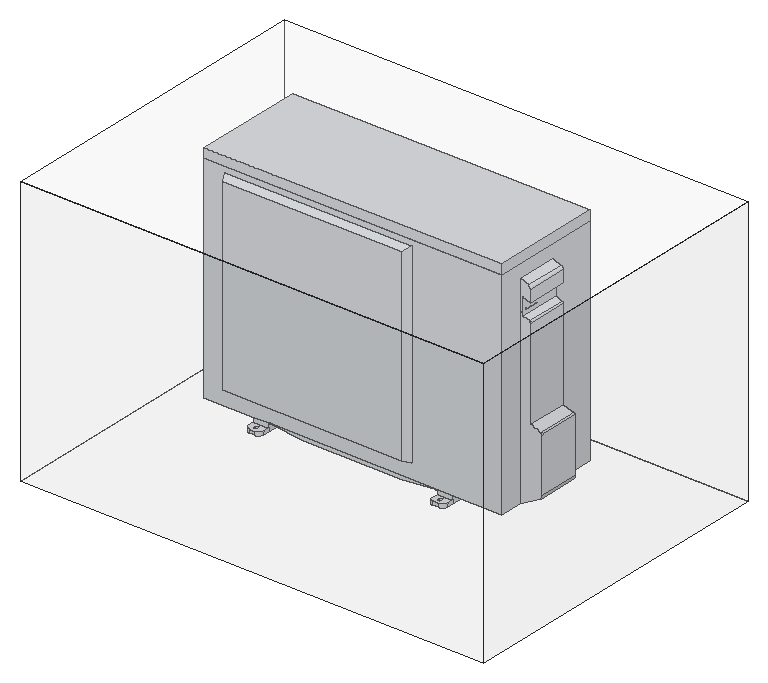
Revit family "puz-zrmp28_63ska12_60Hz", category 機械設備, Revit 2019
Family settings
  丸型コネクタ寸法 = 直径を使用
  パーツ タイプ = 標準
  OmniClass 番号 = 23.75.10.24.21.27.27
  OmniClass タイトル = Split System Air Conditioning Units
  作業面ベース = いいえ
  常に垂直 = はい
  ロード時にボイドで切り取り = いいえ
  共有 = いいえ
  部屋計算ポイント = いいえ
Parameters (values of type "PUZ-ZRMP28KA12")
  音響パワーレベル（冷）(dB) = 64
  音響パワーレベル(dB) = 66
  電源種別 = ""
  電源位置Y = 61 mm
  電源位置Z = 497.7 mm
  電源位置X = 400 mm
  電圧 = 200 V
  電動機出力_送風機 = 0.04 kW
  電動機出力_圧縮機 = 0.5 kW
  集中コントローラ [instance] = ""
  運転質量 = 0.00 kg
  運転方法 = "冷暖切替"
  質量 = if(製品質量 > 運転質量, 製品質量, 運転質量) * 1.2  # 43.20 kg
  負荷分類 = 1_熱源類
  説明 = "空冷H/P PAC インバータ室外機"
  設計暖房能力 [instance] = 0 kW
  設計冷房能力_顕熱 [instance] = 0 kW
  設計冷房能力 [instance] = 0 kW
  設置方法 = "床置形"
  記号 [instance] = ""
  製造元 = "三菱電機株式会社"
  製品質量 = 36.00 kg
  製品出荷対象 = "国内"
  製品リリース年月 = "2022/10/11"
  製品グループ = ""
  系統 [instance] = ""
  符号 = "PAC"
  積算_科目 = "1 空気調和設備"
  積算_拾い区分 [instance] = ""
  相 = 3
  盤記号 [instance] = ""
  発停方法 = "付属スイッチ"
  特殊仕様 [instance] = ""
  消費電力_暖房 = 0.61 kW
  消費電力_冷房 = 0.51 kW
  消費電力 = if(消費電力_冷房 > 消費電力_暖房, 消費電力_冷房, 消費電力_暖房)  # 0.61 kW
  法定耐用年数 = "6"
  構成品番 = "PUZ-ZRMP28KA"
  極数 = 3
  材質 [instance] = ""
  本体マテリアル = none
  最小電線太さ_mm2 = 1.6
  最大電流値 = 0 A
  暖房能力 = 2.8 kW
  推奨ブレーカー容量 = 15 A
  据付ピッチ1 = 0 mm
  形式 = "パッケージ形 室外機"
  形名 = PUZ-ZRMP-1 : PUZ-ZRMP-1
  幹線記号 [instance] = ""
  始動方式 = "インバータ始動方式"
  呼称 = "パッケージ形空気調和機_室外機"
  周波数 = 60 Hz
  価格 = 480000
  ドレン　位置Z = 8.5 mm
  ドレン　位置Y = 48.5 mm
  ドレン　位置X = 404.5 mm
  アンカーボルト位置Y = 330 mm
  アンカーボルト位置X = 500 mm
  参照している仕様書等のバージョン = "公共建築物標準仕様書（機械設備工事編）平成31年度版"
  分類コード = "50053003126100"
  分類グループ = ""
  冷房能力 = 2.5 kW
  冷媒管（ガス）位置X = 420 mm
  冷媒管（液）位置X = 420 mm
  冷媒管（液）位置Y = 153.75 mm
  冷媒管（ガス）位置Y = 153.75 mm
  冷媒管長 [instance] = 0 mm
  冷媒管径符号 = "Ac"
  冷媒管径 = 60.00 mm
  冷媒管位置Z = 158.95 mm
  冷媒管位置Y = (冷媒管（液）位置Y + 冷媒管（ガス）位置Y) / 2  # 153.75 mm
  冷媒管位置X = (冷媒管（液）位置X + 冷媒管（ガス）位置X) / 2  # 420 mm
  冷媒液管径 = 6.35 mm
  冷媒ガス管径 = 12.70 mm
  企業コード = "108420"
  付属品 [instance] = ""
  仕様書バージョン = "Version1.0"
  ユニット数 = 1
  ユニット3 = yes
  ユニット2 = yes
  Model = ""
  ドレン管径 = 42.00 mm
  サービススペース = yes
  コメント [instance] = ""
  ケーブル種類1 = ""
  Width = 809 mm
  Version = ""
  Uniclass2015Version = "Systems v1.9"
  Uniclass2015Title = "Split coil remote air cooled condensing units"
  Uniclass2015Code = "Pr_70_65_03_84"
  URL = "https://www.mitsubishielectric.co.jp/ldg/wink/ssl/displayProduct.do?pid=323494"
  SpecificationReference = ""
  SpecificationDescription = ""
  Revision = ""
  ProductInformation = ""
  OmniClassCode = "23-33 17 13 11"
  IfcTypeProduct = ""
  IfcProduct = ""
  IfcExportType = "AIRCONDITIONINGUNIT"
  IfcExportAs = "IfcUnitaryEquipmentType"
  Height = 630 mm
  Depth = 300 mm
  Clearance Top = 100 mm
  Clearance Right = 350 mm
  Clearance Left = 100 mm
  Clearance Front = 500 mm
  Clearance Bottom = 0 mm
  Clearance Back = 100 mm
  COP = 0
  Author = "三菱電機株式会社"
  APF = 0
Reference planes
  plane 1 "中心(正面/背面)": y = 74
  plane 2: z = 0
  plane 3 "中心(左/右)": x = 830
  plane 4 "右": x = 1234.5
  plane 5 "左": x = 425.5
  plane 6 "背面": y = 224
  plane 7 "正面": y = -76
  plane 8 "上部": z = 630
  plane 9 "Clearanse Top": z = 730
  plane 10 "SS_back": y = 324
  plane 11 "SS_front": y = -576
  plane 12 "SS_left": x = 325.5
  plane 13 "SS_right": x = 1584.5
  plane 14: z = 0
  plane 15: y = -15
  plane 16: x = 1230
  plane 17: z = 497.7
  plane 18: y = -13
  plane 19: y = 70.25
  plane 20: x = 1250
  plane 21: y = 175.5
  plane 22: x = 830
  plane 23: z = 10.5
  plane 24: z = 8.5
  plane 25: x = 580
  plane 26: x = 1080
  plane 27: y = 239
  plane 28: y = -91
Forms (mm)
  Extrusion 1, solid, detail levels fine
    sketch origin (0, -76, 0) x (1, 0, 0) y (0, 0, 1)
      loop
        circle (1230, 497.7) r 13.5
    from -63 to -61
  Extrusion 2, solid, detail levels fine
    sketch origin (-1437.329, -1524, 54) x (-1, 0, 0) y (0, -1, 0)
      loop
        circle (-2267.329, -1699.5) r 21
    from -45.5 to -43.5
  Sweep 3, solid, material <- "本体マテリアル", detail levels fine
    path origin (1250, 1296.25, 1200) x (0, 1, 0) y (0, 0, 1)
      loop
        line (-1226, -1041.05) -> (-1272.623, -1084.565)
    profile origin (1250, 46.939, 137.193) x (0, 0.682318, -0.731055) y (1, 0, 0)
      loop
        circle (0, 0) r 30
Lines and regions (mm)
  model lines, not visible
    curve 1: line (460, 178.667, 1289.179) -> (460, 297.73, 1289.179)
    curve 2: line (460, 178.667, 1056.056) -> (460, 178.667, 1289.179)
    curve 3: line (460, 297.73, 1056.056) -> (460, 178.667, 1056.056)
    curve 4: line (460, 297.73, 1289.179) -> (460, 297.73, 1056.056)
    curve 5: line (460, 47.598, 1289.179) -> (460, 166.661, 1289.179)
    curve 6: line (460, 47.598, 1056.056) -> (460, 47.598, 1289.179)
    curve 7: line (460, 166.661, 1056.056) -> (460, 47.598, 1056.056)
    curve 8: line (460, 166.661, 1289.179) -> (460, 166.661, 1056.056)
    curve 9: line (460, -83.471, 1289.179) -> (460, 35.592, 1289.179)
    curve 10: line (460, -83.471, 1056.056) -> (460, -83.471, 1289.179)
    curve 11: line (460, 35.592, 1056.056) -> (460, -83.471, 1056.056)
    curve 12: line (460, 35.592, 1289.179) -> (460, 35.592, 1056.056)
    curve 13: line (460, -150.779, 1289.179) -> (460, -95.75, 1289.179)
    curve 14: line (460, -150.779, 1056.056) -> (460, -150.779, 1289.179)
    curve 15: line (460, -95.75, 1056.056) -> (460, -150.779, 1056.056)
    curve 16: line (460, -95.75, 1289.179) -> (460, -95.75, 1056.056)
    curve 17: line (460, -150.779, 1283.175) -> (460, -132.596, 1283.175)
    curve 18: line (460, -150.779, 1062.059) -> (460, -150.779, 1283.175)
    curve 19: line (460, -132.596, 1062.059) -> (460, -150.779, 1062.059)
    curve 20: line (460, -132.596, 1283.175) -> (460, -132.596, 1062.059)
    curve 21: line (460, 178.667, 1046.051) -> (460, 297.73, 1046.051)
    curve 22: line (460, 178.667, 812.928) -> (460, 178.667, 1046.051)
    curve 23: line (460, 297.73, 812.928) -> (460, 178.667, 812.928)
    curve 24: line (460, 297.73, 1046.051) -> (460, 297.73, 812.928)
    curve 25: line (460, 47.598, 1046.051) -> (460, 166.661, 1046.051)
    curve 26: line (460, 47.598, 812.928) -> (460, 47.598, 1046.051)
    curve 27: line (460, 166.661, 812.928) -> (460, 47.598, 812.928)
    curve 28: line (460, 166.661, 1046.051) -> (460, 166.661, 812.928)
    curve 29: line (460, -83.471, 1046.051) -> (460, 35.592, 1046.051)
    curve 30: line (460, -83.471, 812.928) -> (460, -83.471, 1046.051)
    curve 31: line (460, 35.592, 812.928) -> (460, -83.471, 812.928)
    curve 32: line (460, 35.592, 1046.051) -> (460, 35.592, 812.928)
    curve 33: line (460, -150.779, 1046.051) -> (460, -95.75, 1046.051)
    curve 34: line (460, -150.779, 812.928) -> (460, -150.779, 1046.051)
    curve 35: line (460, -95.75, 812.928) -> (460, -150.779, 812.928)
    curve 36: line (460, -95.75, 1046.051) -> (460, -95.75, 812.928)
    curve 37: line (460, -150.779, 1040.048) -> (460, -132.596, 1040.048)
    curve 38: line (460, -150.779, 818.931) -> (460, -150.779, 1040.048)
    curve 39: line (460, -132.596, 818.931) -> (460, -150.779, 818.931)
    curve 40: line (460, -132.596, 1040.048) -> (460, -132.596, 818.931)
    curve 41: line (460, 178.667, 802.923) -> (460, 297.73, 802.923)
    curve 42: line (460, 178.667, 569.8) -> (460, 178.667, 802.923)
    curve 43: line (460, 297.73, 569.8) -> (460, 178.667, 569.8)
    curve 44: line (460, 297.73, 802.923) -> (460, 297.73, 569.8)
    curve 45: line (460, 47.598, 802.923) -> (460, 166.661, 802.923)
    curve 46: line (460, 47.598, 569.8) -> (460, 47.598, 802.923)
    curve 47: line (460, 166.661, 569.8) -> (460, 47.598, 569.8)
    curve 48: line (460, 166.661, 802.923) -> (460, 166.661, 569.8)
    curve 49: line (460, -83.471, 802.923) -> (460, 35.592, 802.923)
    curve 50: line (460, -83.471, 569.8) -> (460, -83.471, 802.923)
    curve 51: line (460, 35.592, 569.8) -> (460, -83.471, 569.8)
    curve 52: line (460, 35.592, 802.923) -> (460, 35.592, 569.8)
    curve 53: line (460, -150.779, 802.923) -> (460, -95.75, 802.923)
    curve 54: line (460, -150.779, 569.8) -> (460, -150.779, 802.923)
    curve 55: line (460, -95.75, 569.8) -> (460, -150.779, 569.8)
    curve 56: line (460, -95.75, 802.923) -> (460, -95.75, 569.8)
    curve 57: line (460, -150.779, 796.92) -> (460, -132.596, 796.92)
    curve 58: line (460, -150.779, 575.803) -> (460, -150.779, 796.92)
    curve 59: line (460, -132.596, 575.803) -> (460, -150.779, 575.803)
    curve 60: line (460, -132.596, 796.92) -> (460, -132.596, 575.803)
    curve 61: line (460, 178.667, 559.795) -> (460, 297.73, 559.795)
    curve 62: line (460, 178.667, 326.672) -> (460, 178.667, 559.795)
    curve 63: line (460, 297.73, 326.672) -> (460, 178.667, 326.672)
    curve 64: line (460, 297.73, 559.795) -> (460, 297.73, 326.672)
    curve 65: line (460, 47.598, 559.795) -> (460, 166.661, 559.795)
    curve 66: line (460, 47.598, 326.672) -> (460, 47.598, 559.795)
    curve 67: line (460, 166.661, 326.672) -> (460, 47.598, 326.672)
    curve 68: line (460, 166.661, 559.795) -> (460, 166.661, 326.672)
    curve 69: line (460, -83.471, 559.795) -> (460, 35.592, 559.795)
    curve 70: line (460, -83.471, 326.672) -> (460, -83.471, 559.795)
    curve 71: line (460, 35.592, 326.672) -> (460, -83.471, 326.672)
    curve 72: line (460, 35.592, 559.795) -> (460, 35.592, 326.672)
    curve 73: line (460, -150.779, 559.795) -> (460, -95.75, 559.795)
    curve 74: line (460, -150.779, 326.672) -> (460, -150.779, 559.795)
    curve 75: line (460, -95.75, 326.672) -> (460, -150.779, 326.672)
    curve 76: line (460, -95.75, 559.795) -> (460, -95.75, 326.672)
    curve 77: line (460, -150.779, 553.792) -> (460, -132.596, 553.792)
    curve 78: line (460, -150.779, 332.675) -> (460, -150.779, 553.792)
    curve 79: line (460, -132.596, 332.675) -> (460, -150.779, 332.675)
    curve 80: line (460, -132.596, 553.792) -> (460, -132.596, 332.675)
    curve 81: line (460, 178.667, 316.667) -> (460, 297.73, 316.667)
    curve 82: line (460, 178.667, 83.544) -> (460, 178.667, 316.667)
    curve 83: line (460, 297.73, 83.544) -> (460, 178.667, 83.544)
    curve 84: line (460, 297.73, 316.667) -> (460, 297.73, 83.544)
    curve 85: line (460, 47.598, 316.667) -> (460, 166.661, 316.667)
    curve 86: line (460, 47.598, 83.544) -> (460, 47.598, 316.667)
    curve 87: line (460, 166.661, 83.544) -> (460, 47.598, 83.544)
    curve 88: line (460, 166.661, 316.667) -> (460, 166.661, 83.544)
    curve 89: line (460, -83.471, 316.667) -> (460, 35.592, 316.667)
    curve 90: line (460, -83.471, 83.544) -> (460, -83.471, 316.667)
    curve 91: line (460, 35.592, 83.544) -> (460, -83.471, 83.544)
    curve 92: line (460, 35.592, 316.667) -> (460, 35.592, 83.544)
    curve 93: line (460, -150.779, 316.667) -> (460, -95.75, 316.667)
    curve 94: line (460, -150.779, 83.544) -> (460, -150.779, 316.667)
    curve 95: line (460, -95.75, 83.544) -> (460, -150.779, 83.544)
    curve 96: line (460, -95.75, 316.667) -> (460, -95.75, 83.544)
    curve 97: line (460, -150.779, 310.664) -> (460, -132.596, 310.664)
    curve 98: line (460, -150.779, 89.547) -> (460, -150.779, 310.664)
    curve 99: line (460, -132.596, 89.547) -> (460, -150.779, 89.547)
    curve 100: line (460, -132.596, 310.664) -> (460, -132.596, 89.547)
Dimensions and locks
  equal spacing: plane 7 "正面", plane 1 "中心(正面/背面)", plane 6 "背面"
  "Depth": plane 7 "正面" to plane 6 "背面"
  "Width": plane 5 "左" to plane 4 "右"
  equal spacing: plane 5 "左", plane 3 "中心(左/右)", plane 4 "右"
  "Clearance Left": plane 12 "SS_left" to plane 5 "左"
  "Clearance Right": plane 4 "右" to plane 13 "SS_right"
  "Clearance Back": plane 6 "背面" to plane 10 "SS_back"
  "Clearance Front": plane 11 "SS_front" to plane 7 "正面"
  "Height": plane 8 "上部" to level
  "Clearance Top": plane 9 "Clearanse Top" to plane 8 "上部"
  "Clearance Bottom": level to plane 14
  "電源位置X": plane 3 "中心(左/右)" to plane 16
  "電源位置Y": plane 7 "正面" to plane 15
  "電源位置Z": plane 17 to level
  locked: plane 15 to plane 18 at 2
  "冷媒管位置X": plane 3 "中心(左/右)" to plane 20
  "冷媒管位置Y": plane 19 to plane 6 "背面"
  "ドレン　位置X": plane 5 "左" to plane 22
  "ドレン　位置Y": plane 21 to plane 6 "背面"
  locked: plane 23 to plane 24 at 2
  "ドレン　位置Z": plane 24 to level
  equal spacing: plane 28, plane 1 "中心(正面/背面)", plane 27
  "アンカーボルト位置Y": plane 28 to plane 27
  equal spacing: plane 25, plane 3 "中心(左/右)", plane 26
  "アンカーボルト位置X": plane 25 to plane 26
  radius of Extrusion 1 sketch curve = 13.5 mm
  "ドレン管径": diameter of Extrusion 2 sketch curve
  "冷媒管径": diameter of Sweep 3 sketch curve
  aligned and locked: level to plane 2
  aligned and locked: plane 10 "SS_back" to nested 1  (x2)
  aligned and locked: plane 13 "SS_right" to nested 1
  aligned and locked: plane 12 "SS_left" to nested 1  (x2)
  aligned and locked: nested 1 to plane 13 "SS_right"
  aligned and locked: plane 11 "SS_front" to nested 1
  aligned and locked: plane 9 "Clearanse Top" to nested 1
  aligned and locked: plane 1 "中心(正面/背面)" to nested 2
  aligned and locked: plane 3 "中心(左/右)" to nested 2
  aligned and locked: plane 14 to nested 1
  aligned and locked: plane 17 to Extrusion 1 sketch curve
  aligned and locked: plane 16 to Extrusion 1 sketch curve
  aligned and locked: Extrusion 1 to plane 18
  aligned and locked: plane 15 to Extrusion 1
  aligned and locked: plane 22 to Extrusion 2 sketch curve
  aligned and locked: plane 21 to Extrusion 2 sketch curve
  aligned and locked: plane 23 to Extrusion 2
  aligned and locked: Extrusion 2 to plane 24
  aligned and locked: plane 25 to nested 3
  aligned and locked: plane 27 to nested 3
Automatic sketch dimensions
  Sweep 3 sketch curve to plane 18 = 36.627 mm
  plane 1 "中心(正面/背面)" to Sweep 3 sketch curve = 3.75 mm
  plane 23 to Sweep 3 sketch curve = 104.935 mm
  Sweep 3 sketch curve to Sweep 3 sketch curve = 43.515 mm
  Sweep 3 sketch curve to plane 20 = 0 mm
  Sweep 3 sketch curve to profile plane = 0 mm
Nested families
  nested 1: "サービススペース" at (955, -126, 365), visible <- "サービススペース", type "サービススペース"
    with Width 1259 mm, Height 730 mm, Depth 900 mm
  nested 2: "PUZ-ZRMP-1" at (830, 74, 0), type <- "形名", type "PUZ-ZRMP-1"
  nested 3: "固定点" at (580, -91, 0), type "固定点"
    with 中心円 10 mm, W 500 mm, D 330 mm
Connectors
  electrical at (1230, -15, 497.7), driven by "極数", driven by "負荷分類", driven by "電圧", driven by "消費電力"
    settings: on Extrusion 1, index 2, voltage 200 V, apparent load 610 VA, apparent load phase1 0 VA, apparent load phase2 0 VA, apparent load phase3 0 VA, power factor 1, load classification "1_熱源類", number of poles 3, system type 30, power factor state 1, is connector primary yes, connector utility no, sub classification motor no, connector description ""
  piping at (1250, 70.25, 158.95), diameter 60, driven by "冷媒管径", driven by "冷媒管径符号"
    settings: on Sweep 3, index 3, connector inside diameter 609.60 mm, connector length 0 mm, flow factor 0, pipe flow 0.0 L/s, pressure drop 0.0 Pa, fitting loss kfactor 0, connector angle 0.00°, fixture units 0, engagement length 0 mm, angle of deflection 0.00°, flow configuration 1, flow direction 2, fitting loss method 4, system type 7, joint type 0, gender type 0, connector reference index -1, connector utility 0, adjustable connector no, is connector primary yes, connector description "Ac"
Definition of nested family "サービススペース"
  Parameters (values of type "サービススペース")
    Width [instance] = 500 mm
    Height [instance] = 500 mm
    Depth [instance] = 500 mm
  Reference planes
    plane 1 "中心(正面/背面)": y = 0
    plane 2: z = 0
    plane 3 "中心(左/右)": x = 0
    plane 4: y = -250
    plane 5: x = 250
    plane 6: y = 250
    plane 7: x = -250
    plane 8: z = 250
    plane 9: z = -250
  Forms (mm)
    Extrusion 1, solid
      sketch origin (-638.939, 0, 72.39) x (1, 0, 0) y (0, 1, 0)
        loop
          line (388.939, 250) -> (388.939, -250) -> (888.939, -250) -> (888.939, 250) -> (388.939, 250)
      from -322.39 to 177.61
  Lines and regions (mm)
    symbolic lines
      curve 1: line (-250, 0, 250) -> (250, 0, 250)
      curve 2: line (-250, 0, -250) -> (-250, 0, 250)
      curve 3: line (250, 0, -250) -> (-250, 0, -250)
      curve 4: line (250, 0, 250) -> (250, 0, -250)
      curve 5: line (0, -250, 250) -> (0, 250, 250)
      curve 6: line (0, -250, -250) -> (0, -250, 250)
      curve 7: line (0, 250, -250) -> (0, -250, -250)
      curve 8: line (0, 250, 250) -> (0, 250, -250)
      curve 9: line (-250, 250, 0) -> (250, 250, 0)
      curve 10: line (-250, -250, 0) -> (-250, 250, 0)
      curve 11: line (250, -250, 0) -> (-250, -250, 0)
      curve 12: line (250, 250, 0) -> (250, -250, 0)
  Dimensions and locks
    equal spacing: plane 7, plane 3 "中心(左/右)", plane 5
    equal spacing: plane 4, plane 1 "中心(正面/背面)", plane 6
    "Depth": plane 4 to plane 6
    "Width": plane 7 to plane 5
    equal spacing: plane 8, plane 2, plane 9
    "Height": plane 8 to plane 9
    aligned and locked: plane 9 to curve 3
    aligned and locked: plane 7 to curve 2
    aligned and locked: curve 4 to plane 5
    aligned and locked: plane 5 to Extrusion 1
    aligned and locked: Extrusion 1 to plane 7
    aligned and locked: Extrusion 1 to plane 9
    aligned and locked: plane 8 to Extrusion 1
    aligned and locked: plane 9 to curve 7
  Automatic sketch dimensions
    plane 4 to Extrusion 1 sketch curve = 0 mm
    Extrusion 1 sketch curve to plane 7 = 0 mm
    Extrusion 1 sketch curve to plane 5 = 0 mm
    plane 6 to Extrusion 1 sketch curve = 0 mm
    curve 2 to plane 8 = 0 mm
    plane 4 to curve 11 = 0 mm
    curve 11 to plane 7 = 0 mm
    curve 11 to plane 5 = 0 mm
    plane 6 to curve 10 = 0 mm
    curve 7 to plane 4 = 0 mm
    curve 7 to plane 6 = 0 mm
    curve 6 to plane 8 = 0 mm
Definition of nested family "PUZ-ZRMP-1"
  Parameters (values of type "PUZ-ZRMP-1")
    配線取出口サイズ = 27 mm
    配線取出口-Z = 497.7 mm
    配線取出口-Y = 239 mm
    配線取出口-X = 400 mm
    液配管サイズ = 50 mm
    高さ = 630 mm
    換気-W = 310 mm
    換気-H2 = 632 mm
    換気-H1 = 325 mm
    換気-D = 20 mm
    奥行き = 300 mm
    吊りボルト_H = 0 mm
    吊りボルト-φ = 10 mm
    冷媒配管サイズ = 6.35 mm
    冷媒液管径-Z = 164.5 mm
    冷媒液管径-Y = 185.5 mm
    冷媒液管径-X = 420 mm
    冷媒ガス管径-Z = 99.5 mm
    冷媒ガス管径-Y = 185.5 mm
    冷媒ガス管径-X = 420 mm
    吊りボルト-W = 500 mm
    マテリアル = none
    ドレン配管サイズ = 42 mm
    ドレン管径-Z = 0 mm
    ドレン管径-Y = 251.5 mm
    ドレン管径-X = 404.5 mm
    タイプ3 = no
    タイプ2 = no
    タイプ1 = yes
    ガス配管サイズ = 12.7 mm
    吊りボルト-D = 330 mm
    幅さ = 809 mm
    a = 600 mm
  Reference planes
    plane 1 "中心(正面/背面)": y = 0
    plane 2: z = 0
    plane 3 "中心(左/右)": x = 0
    plane 4: z = 630
    plane 5: x = -404.5
    plane 6: x = 404.5
    plane 7: y = 150
    plane 8: y = -150
    plane 9: x = 466.5
    plane 10: y = -90
    plane 11: y = 20
    plane 12: z = 605
    plane 13: x = -424.5
    plane 14: x = -250
    plane 15: x = 250
    plane 16: y = 165
    plane 17: y = -165
    plane 18: x = 270
    plane 19: x = 230
    plane 20: x = -230
    plane 21: x = -270
    plane 22: y = 180
    plane 23: y = -180
    plane 24: z = 8.5
    plane 25: z = 20
    plane 26: z = 11.5
    plane 27: x = -135
    plane 28: x = 135
    plane 29: z = 625
    plane 30: y = -40
    plane 31: y = 40
    plane 32: y = -30
    plane 33: y = 30
    plane 34: z = 610
    plane 35: z = 55
    plane 36: z = 225
    plane 37: z = 570
    plane 38: x = 414.5
    plane 39: x = 435.5
    plane 40: y = -170
    plane 41: x = -94.5
    plane 42: z = 325
    plane 43: x = 159.5
    plane 44: x = -348.5
    plane 45: z = 589
    plane 46: z = 61
    plane 47: x = -338.5
    plane 48: x = 149.5
    plane 49: z = 579
    plane 50: z = 71
    plane 51: y = 100
    plane 52: y = -100
    plane 53: x = 0
    plane 54: y = 101.5
    plane 55: x = 420
    plane 56: x = 400
    plane 57: y = -89
    plane 58: y = -35.5
    plane 59: y = -35.5
    plane 60: x = 420
    plane 61: z = 99.5
    plane 62: z = 164.5
    plane 63: z = 497.7
    plane 64: y = -39
    plane 65: z = 137.3
    plane 66: z = 180.6
    plane 67: x = 420
    plane 68: y = -35.5
    plane 69 "グループ": x = -600
    plane 70: z = 1338
    plane 71: z = 943
    plane 72: z = 957
    plane 73: z = 1221
    plane 74: z = 693
    plane 75: z = 1211
    plane 76: z = 703
    plane 77: y = -12.5
    plane 78: y = 5
    plane 79: y = -3.75
  Forms (mm)
    Extrusion 1, solid, visible <- "タイプ1", detail levels fine
      sketch origin (-1437.329, -1524, 630) x (-1, 0, 0) y (0, -1, 0)
        loop
          line (-1167.329, -1674) -> (-1167.329, -1374) -> (-1207.329, -1374) -> (-1207.329, -1674) -> (-1167.329, -1674)
        loop
          line (-1667.329, -1674) -> (-1667.329, -1374) -> (-1707.329, -1374) -> (-1707.329, -1674) -> (-1667.329, -1674)
      from -630 to -610
    Extrusion 2, solid, material <- "マテリアル", visible <- "タイプ1", detail levels fine
      sketch origin (0, 0, 0) x (1, 0, 0) y (0, 0, 1)
        loop
          line (-230, 20) -> (-135, 11.5) -> (135, 11.5) -> (230, 20) -> (-230, 20)
      from -150 to 150
    Extrusion 3, solid, material <- "マテリアル", visible <- "タイプ1", detail levels fine
      sketch origin (-1437.329, -1524, 630) x (-1, 0, 0) y (0, -1, 0)
        loop
          circle (-1437.329, -1625.5) r 21
      from -621.5 to -618.5
    Extrusion 4, solid, material <- "マテリアル", visible <- "タイプ1", detail levels fine
      sketch origin (-1437.329, -1524, 630) x (-1, 0, 0) y (0, -1, 0)
        loop
          line (-1841.829, -1674) -> (-1032.829, -1674) -> (-1032.829, -1374) -> (-1841.829, -1374) -> (-1841.829, -1674)
      from -610 to -25
    Extrusion 5, solid, material <- "マテリアル", visible <- "タイプ1", detail levels fine
      sketch origin (-1437.329, -1524, 630) x (-1, 0, 0) y (0, -1, 0)
        loop
          line (-1032.829, -1674) -> (-1032.829, -1374) -> (-1841.829, -1374) -> (-1841.829, -1674) -> (-1032.829, -1674)
      from -25 to 0
    Blend 6, solid, material <- "マテリアル", visible <- "タイプ1", detail levels fine
      base sketch origin (0, 0, 0) x (0, 1, 0) y (0, 0, 1)
        loop
          line (40, 625) -> (-40, 625) -> (-40, 605) -> (40, 605) -> (40, 625)
      top sketch origin (0, 0, 0) x (0, 1, 0) y (0, 0, 1)
        loop
          line (30, 610) -> (-30, 610) -> (-30, 605) -> (30, 605) -> (30, 610)
      from -404.5 to -424.5
    Extrusion 7, solid, material <- "マテリアル", visible <- "タイプ1", detail levels fine
      sketch origin (0, 0, 0) x (1, 0, 0) y (0, 0, 1)
        loop
          line (404.5, 570) -> (404.5, 20) -> (461.416, 52.13)
          arc (461.416, 52.13) -> (465.136, 55.796) -> (466.5, 60.838) r 10
          line (466.5, 60.838) -> (466.5, 210.216)
          arc (466.5, 210.216) -> (465.596, 213.084) -> (463.21, 214.914) r 5
          line (463.21, 214.914) -> (435.5, 225) -> (435.5, 470.082)
          arc (435.5, 470.082) -> (434.596, 472.95) -> (432.21, 474.78) r 5
          line (432.21, 474.78) -> (414.5, 481.226) -> (414.5, 529.114) -> (435.5, 521.471) -> (435.5, 551.715)
          arc (435.5, 551.715) -> (433.692, 557.451) -> (428.92, 561.112) r 10
          line (428.92, 561.112) -> (404.5, 570)
      from -20 to 90
    Blend 8, solid, material <- "マテリアル", visible <- "タイプ1", detail levels fine
      base sketch origin (0, 0, 0) x (1, 0, 0) y (0, 0, 1)
        loop
          line (-348.5, 589) -> (-348.5, 61) -> (159.5, 61) -> (159.5, 589) -> (-348.5, 589)
      top sketch origin (0, 0, 0) x (1, 0, 0) y (0, 0, 1)
        loop
          line (-338.5, 579) -> (-338.5, 71) -> (149.5, 71) -> (149.5, 579) -> (-338.5, 579)
      from 150 to 170
    Extrusion 9, solid, material <- "マテリアル", visible <- "タイプ1", detail levels fine
      sketch origin (1480.036, -170, 1200) x (1, 0, 0) y (0, 0, 1)
        loop
          circle (-1080.036, -702.3) r 13.5
      from -131 to -81
    Extrusion 10, solid, visible <- "タイプ1", detail levels fine
      sketch origin (-1437.329, -1524, 630) x (-1, 0, 0) y (0, -1, 0)
        loop
          line (-1167.329, -1704) -> (-1167.329, -1674) -> (-1207.329, -1674) -> (-1207.329, -1704) -> (-1192.329, -1704) -> (-1192.329, -1689)
          arc (-1192.329, -1689) -> (-1187.329, -1684) -> (-1182.329, -1689) r 5
          line (-1182.329, -1689) -> (-1182.329, -1704) -> (-1167.329, -1704)
        loop
          line (-1667.329, -1704) -> (-1667.329, -1674) -> (-1707.329, -1674) -> (-1707.329, -1704) -> (-1692.329, -1704) -> (-1692.329, -1689)
          arc (-1692.329, -1689) -> (-1687.329, -1684) -> (-1682.329, -1689) r 5
          line (-1682.329, -1689) -> (-1682.329, -1704) -> (-1667.329, -1704)
        loop
          line (-1667.329, -1374) -> (-1667.329, -1354)
          arc (-1667.329, -1354) -> (-1670.258, -1346.929) -> (-1677.329, -1344) r 10
          line (-1677.329, -1344) -> (-1694.129, -1344)
          arc (-1694.129, -1344) -> (-1703.463, -1347.866) -> (-1707.329, -1357.2) r 13.2
          line (-1707.329, -1357.2) -> (-1707.329, -1374) -> (-1667.329, -1374)
        loop
          line (-1167.329, -1374) -> (-1167.329, -1357.2)
          arc (-1167.329, -1357.2) -> (-1171.196, -1347.866) -> (-1180.529, -1344) r 13.2
          line (-1180.529, -1344) -> (-1194.129, -1344)
          arc (-1194.129, -1344) -> (-1203.463, -1347.866) -> (-1207.329, -1357.2) r 13.2
          line (-1207.329, -1357.2) -> (-1207.329, -1374) -> (-1167.329, -1374)
        loop
          arc (-1192.329, -1359) -> (-1187.329, -1364) -> (-1182.329, -1359) r 5
          line (-1182.329, -1359) -> (-1182.329, -1357.2)
          arc (-1182.329, -1357.2) -> (-1187.329, -1352.2) -> (-1192.329, -1357.2) r 5
          line (-1192.329, -1357.2) -> (-1192.329, -1359)
        loop
          arc (-1692.329, -1359) -> (-1687.329, -1364) -> (-1682.329, -1359) r 5
          line (-1682.329, -1359) -> (-1682.329, -1357.2)
          arc (-1682.329, -1357.2) -> (-1687.329, -1352.2) -> (-1692.329, -1357.2) r 5
          line (-1692.329, -1357.2) -> (-1692.329, -1359)
      from -621.5 to -630
    Sweep 11, solid, material <- "マテリアル", visible <- "タイプ1", detail levels fine
      path origin (420, 1296.25, 1200) x (0, 1, 0) y (0, 0, 1)
        loop
          line (-1331.75, -1035.5) -> (-1308.75, -1019.4)
      profile origin (420, -24, 172.55) x (0, -0.573462, 0.819232) y (1, 0, 0)
        loop
          circle (0, 0) r 3.175
    Sweep 12, solid, material <- "マテリアル", visible <- "タイプ1", detail levels fine
      path origin (420, 1296.25, 1200) x (0, 1, 0) y (0, 0, 1)
        loop
          line (-1331.75, -1100.5) -> (-1291.25, -1062.7)
      profile origin (420, -15.25, 118.4) x (0, -0.682318, 0.731055) y (1, 0, 0)
        loop
          circle (0, 0) r 6.35
  Lines and regions (mm)
    Masking region 1, visible <- "タイプ1", detail levels coarse+medium
      outline origin (-1437.329, -1524, 630) x (-1, 0, 0) y (0, -1, 0)
        loop
          line (-1841.829, -1674) -> (-1707.329, -1674) -> (-1707.329, -1704) -> (-1667.329, -1704) -> (-1667.329, -1674) -> (-1207.329, -1674) -> (-1207.329, -1704) -> (-1167.329, -1704) -> (-1167.329, -1674) -> (-1032.829, -1674) -> (-1032.829, -1564) -> (-1012.829, -1554) -> (-1012.829, -1494) -> (-1032.829, -1484) -> (-1032.829, -1374) -> (-1088.829, -1374) -> (-1098.829, -1354) -> (-1164.523, -1354)
          arc (-1164.523, -1354) -> (-1169.205, -1346.796) -> (-1177.329, -1344) r 13.2
          line (-1177.329, -1344) -> (-1193.997, -1344)
          arc (-1193.997, -1344) -> (-1202.121, -1346.796) -> (-1206.804, -1354) r 13.2
          line (-1206.804, -1354) -> (-1586.829, -1354) -> (-1596.829, -1374) -> (-1667.329, -1374) -> (-1667.329, -1354)
          arc (-1667.329, -1354) -> (-1670.258, -1346.929) -> (-1677.329, -1344) r 10
          line (-1677.329, -1344) -> (-1694.129, -1344)
          arc (-1694.129, -1344) -> (-1703.463, -1347.866) -> (-1707.329, -1357.2) r 13.2
          line (-1707.329, -1357.2) -> (-1707.329, -1374) -> (-1841.829, -1374) -> (-1841.829, -1434) -> (-1903.829, -1434) -> (-1903.829, -1544) -> (-1841.829, -1544) -> (-1841.829, -1674)
    model lines, visible <- "タイプ1", detail levels fine
      curve 1: line (324.5, 100, 630) -> (-324.5, 100, 630)
      curve 2: line (-324.5, -100, 630) -> (324.5, -100, 630)
      curve 3: line (-324.5, -40, 630) -> (324.5, -40, 630)
      curve 4: line (324.5, 40, 630) -> (-324.5, 40, 630)
      curve 5: line (-324.5, -30, 630) -> (324.5, -30, 630)
      curve 6: line (324.5, 30, 630) -> (-324.5, 30, 630)
      curve 7: line (-324.5, 100, 630) -> (-324.5, 40, 630)
      curve 8: line (324.5, -100, 630) -> (324.5, -40, 630)
      curve 9: line (-324.5, 30, 630) -> (-324.5, -30, 630)
      curve 10: line (-324.5, -40, 630) -> (-324.5, -100, 630)
      curve 11: line (324.5, -30, 630) -> (324.5, 30, 630)
      curve 12: line (324.5, 40, 630) -> (324.5, 100, 630)
      curve 13: line (354.5, -100, 630) -> (354.5, 100, 630)
      curve 14: line (339.5, -100, 630) -> (339.5, 100, 630)
      curve 15: line (-354.5, 100, 630) -> (-354.5, -100, 630)
      curve 16: line (-339.5, 100, 630) -> (-339.5, -100, 630)
      curve 17: line (-339.5, 100, 630) -> (-354.5, 100, 630)
      curve 18: line (-339.5, -100, 630) -> (-354.5, -100, 630)
      curve 19: line (339.5, 100, 630) -> (354.5, 100, 630)
      curve 20: line (339.5, -100, 630) -> (354.5, -100, 630)
      curve 21: line (-338.5, -170, 372.5) -> (149.5, -170, 372.5)
      curve 22: line (149.5, -170, 277.5) -> (-338.5, -170, 277.5)
      curve 23: line (-338.5, -170, 467.5) -> (149.5, -170, 467.5)
      curve 24: line (-338.5, -170, 562.5) -> (149.5, -170, 562.5)
      curve 25: line (149.5, -170, 182.5) -> (-338.5, -170, 182.5)
      curve 26: line (149.5, -170, 87.5) -> (-338.5, -170, 87.5)
      curve 27: line (-321.071, -170, 579) -> (-321.071, -170, 71)
      curve 28: line (132.071, -170, 71) -> (132.071, -170, 579)
      curve 29: line (-303.643, -170, 579) -> (-303.643, -170, 71)
      curve 30: line (-286.214, -170, 579) -> (-286.214, -170, 71)
      curve 31: line (-268.786, -170, 579) -> (-268.786, -170, 71)
      curve 32: line (-251.357, -170, 579) -> (-251.357, -170, 71)
      curve 33: line (-233.929, -170, 579) -> (-233.929, -170, 71)
      curve 34: line (-216.5, -170, 579) -> (-216.5, -170, 71)
      curve 35: line (-199.071, -170, 579) -> (-199.071, -170, 71)
      curve 36: line (-181.643, -170, 579) -> (-181.643, -170, 71)
      curve 37: line (-164.214, -170, 579) -> (-164.214, -170, 71)
      curve 38: line (-146.786, -170, 579) -> (-146.786, -170, 71)
      curve 39: line (-129.357, -170, 579) -> (-129.357, -170, 71)
      curve 40: line (-111.929, -170, 579) -> (-111.929, -170, 71)
      curve 41: line (-94.5, -170, 579) -> (-94.5, -170, 71)
      curve 42: line (-77.071, -170, 579) -> (-77.071, -170, 71)
      curve 43: line (-59.643, -170, 579) -> (-59.643, -170, 71)
      curve 44: line (-42.214, -170, 579) -> (-42.214, -170, 71)
      curve 45: line (-24.786, -170, 579) -> (-24.786, -170, 71)
      curve 46: line (-7.357, -170, 579) -> (-7.357, -170, 71)
      curve 47: line (10.071, -170, 579) -> (10.071, -170, 71)
      curve 48: line (27.5, -170, 579) -> (27.5, -170, 71)
      curve 49: line (44.929, -170, 579) -> (44.929, -170, 71)
      curve 50: line (62.357, -170, 579) -> (62.357, -170, 71)
      curve 51: line (79.786, -170, 579) -> (79.786, -170, 71)
      curve 52: line (97.214, -170, 579) -> (97.214, -170, 71)
      curve 53: line (114.643, -170, 579) -> (114.643, -170, 71)
      curve 54: line (-404.5, -10, 574) -> (-404.5, -10, 584)
      curve 55: line (-404.5, -100, 584) -> (-404.5, -100, 574)
      curve 56: line (-404.5, 100, 584) -> (-404.5, 100, 574)
      curve 57: line (-404.5, 10, 584) -> (-404.5, 10, 574)
      curve 58: line (-404.5, 95, 589) -> (-404.5, 15, 589)
      curve 59: line (-404.5, -15, 589) -> (-404.5, -95, 589)
      curve 60: line (-404.5, -15, 569) -> (-404.5, -95, 569)
      curve 61: line (-404.5, 95, 569) -> (-404.5, 15, 569)
      curve 62: arc (-404.5, 100, 584) -> (-404.5, 98.536, 587.536) -> (-404.5, 95, 589) r 5
      curve 63: arc (-404.5, 95, 569) -> (-404.5, 98.536, 570.464) -> (-404.5, 100, 574) r 5
      curve 64: arc (-404.5, 10, 584) -> (-404.5, 11.464, 587.536) -> (-404.5, 15, 589) r 5
      curve 65: arc (-404.5, 10, 574) -> (-404.5, 11.464, 570.464) -> (-404.5, 15, 569) r 5
      curve 66: arc (-404.5, -10, 584) -> (-404.5, -11.464, 587.536) -> (-404.5, -15, 589) r 5
      curve 67: arc (-404.5, -15, 569) -> (-404.5, -11.464, 570.464) -> (-404.5, -10, 574) r 5
      curve 68: arc (-404.5, -95, 589) -> (-404.5, -98.536, 587.536) -> (-404.5, -100, 584) r 5
      curve 69: arc (-404.5, -100, 574) -> (-404.5, -98.536, 570.464) -> (-404.5, -95, 569) r 5
      curve 70: line (-404.5, -10, 544) -> (-404.5, -10, 554)
      curve 71: line (-404.5, -100, 554) -> (-404.5, -100, 544)
      curve 72: line (-404.5, 100, 554) -> (-404.5, 100, 544)
      curve 73: line (-404.5, 10, 554) -> (-404.5, 10, 544)
      curve 74: line (-404.5, 95, 559) -> (-404.5, 15, 559)
      curve 75: line (-404.5, -15, 559) -> (-404.5, -95, 559)
      curve 76: line (-404.5, -15, 539) -> (-404.5, -95, 539)
      curve 77: line (-404.5, 95, 539) -> (-404.5, 15, 539)
      curve 78: arc (-404.5, 100, 554) -> (-404.5, 98.536, 557.536) -> (-404.5, 95, 559) r 5
      curve 79: arc (-404.5, 95, 539) -> (-404.5, 98.536, 540.464) -> (-404.5, 100, 544) r 5
      curve 80: arc (-404.5, 10, 554) -> (-404.5, 11.464, 557.536) -> (-404.5, 15, 559) r 5
      curve 81: arc (-404.5, 10, 544) -> (-404.5, 11.464, 540.464) -> (-404.5, 15, 539) r 5
      curve 82: arc (-404.5, -10, 554) -> (-404.5, -11.464, 557.536) -> (-404.5, -15, 559) r 5
      curve 83: arc (-404.5, -15, 539) -> (-404.5, -11.464, 540.464) -> (-404.5, -10, 544) r 5
      curve 84: arc (-404.5, -95, 559) -> (-404.5, -98.536, 557.536) -> (-404.5, -100, 554) r 5
      curve 85: arc (-404.5, -100, 544) -> (-404.5, -98.536, 540.464) -> (-404.5, -95, 539) r 5
      curve 86: line (-404.5, -10, 514) -> (-404.5, -10, 524)
      curve 87: line (-404.5, -100, 524) -> (-404.5, -100, 514)
      curve 88: line (-404.5, 100, 524) -> (-404.5, 100, 514)
      curve 89: line (-404.5, 10, 524) -> (-404.5, 10, 514)
      curve 90: line (-404.5, 95, 529) -> (-404.5, 15, 529)
      curve 91: line (-404.5, -15, 529) -> (-404.5, -95, 529)
      curve 92: line (-404.5, -15, 509) -> (-404.5, -95, 509)
      curve 93: line (-404.5, 95, 509) -> (-404.5, 15, 509)
      curve 94: arc (-404.5, 100, 524) -> (-404.5, 98.536, 527.536) -> (-404.5, 95, 529) r 5
      curve 95: arc (-404.5, 95, 509) -> (-404.5, 98.536, 510.464) -> (-404.5, 100, 514) r 5
      curve 96: arc (-404.5, 10, 524) -> (-404.5, 11.464, 527.536) -> (-404.5, 15, 529) r 5
      curve 97: arc (-404.5, 10, 514) -> (-404.5, 11.464, 510.464) -> (-404.5, 15, 509) r 5
      curve 98: arc (-404.5, -10, 524) -> (-404.5, -11.464, 527.536) -> (-404.5, -15, 529) r 5
      curve 99: arc (-404.5, -15, 509) -> (-404.5, -11.464, 510.464) -> (-404.5, -10, 514) r 5
      curve 100: arc (-404.5, -95, 529) -> (-404.5, -98.536, 527.536) -> (-404.5, -100, 524) r 5
      curve 101: arc (-404.5, -100, 514) -> (-404.5, -98.536, 510.464) -> (-404.5, -95, 509) r 5
      curve 102: line (-404.5, -10, 484) -> (-404.5, -10, 494)
      curve 103: line (-404.5, -100, 494) -> (-404.5, -100, 484)
      curve 104: line (-404.5, 100, 494) -> (-404.5, 100, 484)
      curve 105: line (-404.5, 10, 494) -> (-404.5, 10, 484)
      curve 106: line (-404.5, 95, 499) -> (-404.5, 15, 499)
      curve 107: line (-404.5, -15, 499) -> (-404.5, -95, 499)
      curve 108: line (-404.5, -15, 479) -> (-404.5, -95, 479)
      curve 109: line (-404.5, 95, 479) -> (-404.5, 15, 479)
      curve 110: arc (-404.5, 100, 494) -> (-404.5, 98.536, 497.536) -> (-404.5, 95, 499) r 5
      curve 111: arc (-404.5, 95, 479) -> (-404.5, 98.536, 480.464) -> (-404.5, 100, 484) r 5
      curve 112: arc (-404.5, 10, 494) -> (-404.5, 11.464, 497.536) -> (-404.5, 15, 499) r 5
      curve 113: arc (-404.5, 10, 484) -> (-404.5, 11.464, 480.464) -> (-404.5, 15, 479) r 5
      curve 114: arc (-404.5, -10, 494) -> (-404.5, -11.464, 497.536) -> (-404.5, -15, 499) r 5
      curve 115: arc (-404.5, -15, 479) -> (-404.5, -11.464, 480.464) -> (-404.5, -10, 484) r 5
      curve 116: arc (-404.5, -95, 499) -> (-404.5, -98.536, 497.536) -> (-404.5, -100, 494) r 5
      curve 117: arc (-404.5, -100, 484) -> (-404.5, -98.536, 480.464) -> (-404.5, -95, 479) r 5
      curve 118: line (-404.5, -10, 454) -> (-404.5, -10, 464)
      curve 119: line (-404.5, -100, 464) -> (-404.5, -100, 454)
      curve 120: line (-404.5, 100, 464) -> (-404.5, 100, 454)
      curve 121: line (-404.5, 10, 464) -> (-404.5, 10, 454)
      curve 122: line (-404.5, 95, 469) -> (-404.5, 15, 469)
      curve 123: line (-404.5, -15, 469) -> (-404.5, -95, 469)
      curve 124: line (-404.5, -15, 449) -> (-404.5, -95, 449)
      curve 125: line (-404.5, 95, 449) -> (-404.5, 15, 449)
      curve 126: arc (-404.5, 100, 464) -> (-404.5, 98.536, 467.536) -> (-404.5, 95, 469) r 5
      curve 127: arc (-404.5, 95, 449) -> (-404.5, 98.536, 450.464) -> (-404.5, 100, 454) r 5
      curve 128: arc (-404.5, 10, 464) -> (-404.5, 11.464, 467.536) -> (-404.5, 15, 469) r 5
      curve 129: arc (-404.5, 10, 454) -> (-404.5, 11.464, 450.464) -> (-404.5, 15, 449) r 5
      curve 130: arc (-404.5, -10, 464) -> (-404.5, -11.464, 467.536) -> (-404.5, -15, 469) r 5
      curve 131: arc (-404.5, -15, 449) -> (-404.5, -11.464, 450.464) -> (-404.5, -10, 454) r 5
      curve 132: arc (-404.5, -95, 469) -> (-404.5, -98.536, 467.536) -> (-404.5, -100, 464) r 5
      curve 133: arc (-404.5, -100, 454) -> (-404.5, -98.536, 450.464) -> (-404.5, -95, 449) r 5
      curve 134: line (-404.5, -10, 424) -> (-404.5, -10, 434)
      curve 135: line (-404.5, -100, 434) -> (-404.5, -100, 424)
      curve 136: line (-404.5, 100, 434) -> (-404.5, 100, 424)
      curve 137: line (-404.5, 10, 434) -> (-404.5, 10, 424)
      curve 138: line (-404.5, 95, 439) -> (-404.5, 15, 439)
      curve 139: line (-404.5, -15, 439) -> (-404.5, -95, 439)
      curve 140: line (-404.5, -15, 419) -> (-404.5, -95, 419)
      curve 141: line (-404.5, 95, 419) -> (-404.5, 15, 419)
      curve 142: arc (-404.5, 100, 434) -> (-404.5, 98.536, 437.536) -> (-404.5, 95, 439) r 5
      curve 143: arc (-404.5, 95, 419) -> (-404.5, 98.536, 420.464) -> (-404.5, 100, 424) r 5
      curve 144: arc (-404.5, 10, 434) -> (-404.5, 11.464, 437.536) -> (-404.5, 15, 439) r 5
      curve 145: arc (-404.5, 10, 424) -> (-404.5, 11.464, 420.464) -> (-404.5, 15, 419) r 5
      curve 146: arc (-404.5, -10, 434) -> (-404.5, -11.464, 437.536) -> (-404.5, -15, 439) r 5
      curve 147: arc (-404.5, -15, 419) -> (-404.5, -11.464, 420.464) -> (-404.5, -10, 424) r 5
      curve 148: arc (-404.5, -95, 439) -> (-404.5, -98.536, 437.536) -> (-404.5, -100, 434) r 5
      curve 149: arc (-404.5, -100, 424) -> (-404.5, -98.536, 420.464) -> (-404.5, -95, 419) r 5
      curve 150: line (-404.5, -10, 394) -> (-404.5, -10, 404)
      curve 151: line (-404.5, -100, 404) -> (-404.5, -100, 394)
      curve 152: line (-404.5, 100, 404) -> (-404.5, 100, 394)
      curve 153: line (-404.5, 10, 404) -> (-404.5, 10, 394)
      curve 154: line (-404.5, 95, 409) -> (-404.5, 15, 409)
      curve 155: line (-404.5, -15, 409) -> (-404.5, -95, 409)
      curve 156: line (-404.5, -15, 389) -> (-404.5, -95, 389)
      curve 157: line (-404.5, 95, 389) -> (-404.5, 15, 389)
      curve 158: arc (-404.5, 100, 404) -> (-404.5, 98.536, 407.536) -> (-404.5, 95, 409) r 5
      curve 159: arc (-404.5, 95, 389) -> (-404.5, 98.536, 390.464) -> (-404.5, 100, 394) r 5
      curve 160: arc (-404.5, 10, 404) -> (-404.5, 11.464, 407.536) -> (-404.5, 15, 409) r 5
      curve 161: arc (-404.5, 10, 394) -> (-404.5, 11.464, 390.464) -> (-404.5, 15, 389) r 5
      curve 162: arc (-404.5, -10, 404) -> (-404.5, -11.464, 407.536) -> (-404.5, -15, 409) r 5
      curve 163: arc (-404.5, -15, 389) -> (-404.5, -11.464, 390.464) -> (-404.5, -10, 394) r 5
      curve 164: arc (-404.5, -95, 409) -> (-404.5, -98.536, 407.536) -> (-404.5, -100, 404) r 5
      curve 165: arc (-404.5, -100, 394) -> (-404.5, -98.536, 390.464) -> (-404.5, -95, 389) r 5
      curve 166: line (-404.5, -10, 364) -> (-404.5, -10, 374)
      curve 167: line (-404.5, -100, 374) -> (-404.5, -100, 364)
      curve 168: line (-404.5, 100, 374) -> (-404.5, 100, 364)
      curve 169: line (-404.5, 10, 374) -> (-404.5, 10, 364)
      curve 170: line (-404.5, 95, 379) -> (-404.5, 15, 379)
      curve 171: line (-404.5, -15, 379) -> (-404.5, -95, 379)
      curve 172: line (-404.5, -15, 359) -> (-404.5, -95, 359)
      curve 173: line (-404.5, 95, 359) -> (-404.5, 15, 359)
      curve 174: arc (-404.5, 100, 374) -> (-404.5, 98.536, 377.536) -> (-404.5, 95, 379) r 5
      curve 175: arc (-404.5, 95, 359) -> (-404.5, 98.536, 360.464) -> (-404.5, 100, 364) r 5
      curve 176: arc (-404.5, 10, 374) -> (-404.5, 11.464, 377.536) -> (-404.5, 15, 379) r 5
      curve 177: arc (-404.5, 10, 364) -> (-404.5, 11.464, 360.464) -> (-404.5, 15, 359) r 5
      curve 178: arc (-404.5, -10, 374) -> (-404.5, -11.464, 377.536) -> (-404.5, -15, 379) r 5
      curve 179: arc (-404.5, -15, 359) -> (-404.5, -11.464, 360.464) -> (-404.5, -10, 364) r 5
      curve 180: arc (-404.5, -95, 379) -> (-404.5, -98.536, 377.536) -> (-404.5, -100, 374) r 5
      curve 181: arc (-404.5, -100, 364) -> (-404.5, -98.536, 360.464) -> (-404.5, -95, 359) r 5
      curve 182: line (-404.5, -10, 334) -> (-404.5, -10, 344)
      curve 183: line (-404.5, -100, 344) -> (-404.5, -100, 334)
      curve 184: line (-404.5, 100, 344) -> (-404.5, 100, 334)
      curve 185: line (-404.5, 10, 344) -> (-404.5, 10, 334)
      curve 186: line (-404.5, 95, 349) -> (-404.5, 15, 349)
      curve 187: line (-404.5, -15, 349) -> (-404.5, -95, 349)
      curve 188: line (-404.5, -15, 329) -> (-404.5, -95, 329)
      curve 189: line (-404.5, 95, 329) -> (-404.5, 15, 329)
      curve 190: arc (-404.5, 100, 344) -> (-404.5, 98.536, 347.536) -> (-404.5, 95, 349) r 5
      curve 191: arc (-404.5, 95, 329) -> (-404.5, 98.536, 330.464) -> (-404.5, 100, 334) r 5
      curve 192: arc (-404.5, 10, 344) -> (-404.5, 11.464, 347.536) -> (-404.5, 15, 349) r 5
      curve 193: arc (-404.5, 10, 334) -> (-404.5, 11.464, 330.464) -> (-404.5, 15, 329) r 5
      curve 194: arc (-404.5, -10, 344) -> (-404.5, -11.464, 347.536) -> (-404.5, -15, 349) r 5
      curve 195: arc (-404.5, -15, 329) -> (-404.5, -11.464, 330.464) -> (-404.5, -10, 334) r 5
      curve 196: arc (-404.5, -95, 349) -> (-404.5, -98.536, 347.536) -> (-404.5, -100, 344) r 5
      curve 197: arc (-404.5, -100, 334) -> (-404.5, -98.536, 330.464) -> (-404.5, -95, 329) r 5
      curve 198: line (-404.5, -10, 304) -> (-404.5, -10, 314)
      curve 199: line (-404.5, -100, 314) -> (-404.5, -100, 304)
      curve 200: line (-404.5, 100, 314) -> (-404.5, 100, 304)
      curve 201: line (-404.5, 10, 314) -> (-404.5, 10, 304)
      curve 202: line (-404.5, 95, 319) -> (-404.5, 15, 319)
      curve 203: line (-404.5, -15, 319) -> (-404.5, -95, 319)
      curve 204: line (-404.5, -15, 299) -> (-404.5, -95, 299)
      curve 205: line (-404.5, 95, 299) -> (-404.5, 15, 299)
      curve 206: arc (-404.5, 100, 314) -> (-404.5, 98.536, 317.536) -> (-404.5, 95, 319) r 5
      curve 207: arc (-404.5, 95, 299) -> (-404.5, 98.536, 300.464) -> (-404.5, 100, 304) r 5
      curve 208: arc (-404.5, 10, 314) -> (-404.5, 11.464, 317.536) -> (-404.5, 15, 319) r 5
      curve 209: arc (-404.5, 10, 304) -> (-404.5, 11.464, 300.464) -> (-404.5, 15, 299) r 5
      curve 210: arc (-404.5, -10, 314) -> (-404.5, -11.464, 317.536) -> (-404.5, -15, 319) r 5
      curve 211: arc (-404.5, -15, 299) -> (-404.5, -11.464, 300.464) -> (-404.5, -10, 304) r 5
      curve 212: arc (-404.5, -95, 319) -> (-404.5, -98.536, 317.536) -> (-404.5, -100, 314) r 5
      curve 213: arc (-404.5, -100, 304) -> (-404.5, -98.536, 300.464) -> (-404.5, -95, 299) r 5
      curve 214: line (-404.5, -10, 274) -> (-404.5, -10, 284)
      curve 215: line (-404.5, -100, 284) -> (-404.5, -100, 274)
      curve 216: line (-404.5, 100, 284) -> (-404.5, 100, 274)
      curve 217: line (-404.5, 10, 284) -> (-404.5, 10, 274)
      curve 218: line (-404.5, 95, 289) -> (-404.5, 15, 289)
      curve 219: line (-404.5, -15, 289) -> (-404.5, -95, 289)
      curve 220: line (-404.5, -15, 269) -> (-404.5, -95, 269)
      curve 221: line (-404.5, 95, 269) -> (-404.5, 15, 269)
      curve 222: arc (-404.5, 100, 284) -> (-404.5, 98.536, 287.536) -> (-404.5, 95, 289) r 5
      curve 223: arc (-404.5, 95, 269) -> (-404.5, 98.536, 270.464) -> (-404.5, 100, 274) r 5
      curve 224: arc (-404.5, 10, 284) -> (-404.5, 11.464, 287.536) -> (-404.5, 15, 289) r 5
      curve 225: arc (-404.5, 10, 274) -> (-404.5, 11.464, 270.464) -> (-404.5, 15, 269) r 5
      curve 226: arc (-404.5, -10, 284) -> (-404.5, -11.464, 287.536) -> (-404.5, -15, 289) r 5
      curve 227: arc (-404.5, -15, 269) -> (-404.5, -11.464, 270.464) -> (-404.5, -10, 274) r 5
      curve 228: arc (-404.5, -95, 289) -> (-404.5, -98.536, 287.536) -> (-404.5, -100, 284) r 5
      curve 229: arc (-404.5, -100, 274) -> (-404.5, -98.536, 270.464) -> (-404.5, -95, 269) r 5
      curve 230: line (-404.5, -10, 244) -> (-404.5, -10, 254)
      curve 231: line (-404.5, -100, 254) -> (-404.5, -100, 244)
      curve 232: line (-404.5, 100, 254) -> (-404.5, 100, 244)
      curve 233: line (-404.5, 10, 254) -> (-404.5, 10, 244)
      curve 234: line (-404.5, 95, 259) -> (-404.5, 15, 259)
      curve 235: line (-404.5, -15, 259) -> (-404.5, -95, 259)
      curve 236: line (-404.5, -15, 239) -> (-404.5, -95, 239)
      curve 237: line (-404.5, 95, 239) -> (-404.5, 15, 239)
      curve 238: arc (-404.5, 100, 254) -> (-404.5, 98.536, 257.536) -> (-404.5, 95, 259) r 5
      curve 239: arc (-404.5, 95, 239) -> (-404.5, 98.536, 240.464) -> (-404.5, 100, 244) r 5
      curve 240: arc (-404.5, 10, 254) -> (-404.5, 11.464, 257.536) -> (-404.5, 15, 259) r 5
      curve 241: arc (-404.5, 10, 244) -> (-404.5, 11.464, 240.464) -> (-404.5, 15, 239) r 5
      curve 242: arc (-404.5, -10, 254) -> (-404.5, -11.464, 257.536) -> (-404.5, -15, 259) r 5
      curve 243: arc (-404.5, -15, 239) -> (-404.5, -11.464, 240.464) -> (-404.5, -10, 244) r 5
      curve 244: arc (-404.5, -95, 259) -> (-404.5, -98.536, 257.536) -> (-404.5, -100, 254) r 5
      curve 245: arc (-404.5, -100, 244) -> (-404.5, -98.536, 240.464) -> (-404.5, -95, 239) r 5
      curve 246: line (-404.5, -10, 214) -> (-404.5, -10, 224)
      curve 247: line (-404.5, -100, 224) -> (-404.5, -100, 214)
      curve 248: line (-404.5, 100, 224) -> (-404.5, 100, 214)
      curve 249: line (-404.5, 10, 224) -> (-404.5, 10, 214)
      curve 250: line (-404.5, 95, 229) -> (-404.5, 15, 229)
      curve 251: line (-404.5, -15, 229) -> (-404.5, -95, 229)
      curve 252: line (-404.5, -15, 209) -> (-404.5, -95, 209)
      curve 253: line (-404.5, 95, 209) -> (-404.5, 15, 209)
      curve 254: arc (-404.5, 100, 224) -> (-404.5, 98.536, 227.536) -> (-404.5, 95, 229) r 5
      curve 255: arc (-404.5, 95, 209) -> (-404.5, 98.536, 210.464) -> (-404.5, 100, 214) r 5
      curve 256: arc (-404.5, 10, 224) -> (-404.5, 11.464, 227.536) -> (-404.5, 15, 229) r 5
      curve 257: arc (-404.5, 10, 214) -> (-404.5, 11.464, 210.464) -> (-404.5, 15, 209) r 5
      curve 258: arc (-404.5, -10, 224) -> (-404.5, -11.464, 227.536) -> (-404.5, -15, 229) r 5
      curve 259: arc (-404.5, -15, 209) -> (-404.5, -11.464, 210.464) -> (-404.5, -10, 214) r 5
      curve 260: arc (-404.5, -95, 229) -> (-404.5, -98.536, 227.536) -> (-404.5, -100, 224) r 5
      curve 261: arc (-404.5, -100, 214) -> (-404.5, -98.536, 210.464) -> (-404.5, -95, 209) r 5
      curve 262: line (-404.5, -10, 184) -> (-404.5, -10, 194)
      curve 263: line (-404.5, -100, 194) -> (-404.5, -100, 184)
      curve 264: line (-404.5, 100, 194) -> (-404.5, 100, 184)
      curve 265: line (-404.5, 10, 194) -> (-404.5, 10, 184)
      curve 266: line (-404.5, 95, 199) -> (-404.5, 15, 199)
      curve 267: line (-404.5, -15, 199) -> (-404.5, -95, 199)
      curve 268: line (-404.5, -15, 179) -> (-404.5, -95, 179)
      curve 269: line (-404.5, 95, 179) -> (-404.5, 15, 179)
      curve 270: arc (-404.5, 100, 194) -> (-404.5, 98.536, 197.536) -> (-404.5, 95, 199) r 5
      curve 271: arc (-404.5, 95, 179) -> (-404.5, 98.536, 180.464) -> (-404.5, 100, 184) r 5
      curve 272: arc (-404.5, 10, 194) -> (-404.5, 11.464, 197.536) -> (-404.5, 15, 199) r 5
      curve 273: arc (-404.5, 10, 184) -> (-404.5, 11.464, 180.464) -> (-404.5, 15, 179) r 5
      curve 274: arc (-404.5, -10, 194) -> (-404.5, -11.464, 197.536) -> (-404.5, -15, 199) r 5
      curve 275: arc (-404.5, -15, 179) -> (-404.5, -11.464, 180.464) -> (-404.5, -10, 184) r 5
      curve 276: arc (-404.5, -95, 199) -> (-404.5, -98.536, 197.536) -> (-404.5, -100, 194) r 5
      curve 277: arc (-404.5, -100, 184) -> (-404.5, -98.536, 180.464) -> (-404.5, -95, 179) r 5
      curve 278: line (-404.5, -10, 154) -> (-404.5, -10, 164)
      curve 279: line (-404.5, -100, 164) -> (-404.5, -100, 154)
      curve 280: line (-404.5, 100, 164) -> (-404.5, 100, 154)
      curve 281: line (-404.5, 10, 164) -> (-404.5, 10, 154)
      curve 282: line (-404.5, 95, 169) -> (-404.5, 15, 169)
      curve 283: line (-404.5, -15, 169) -> (-404.5, -95, 169)
      curve 284: line (-404.5, -15, 149) -> (-404.5, -95, 149)
      curve 285: line (-404.5, 95, 149) -> (-404.5, 15, 149)
      curve 286: arc (-404.5, 100, 164) -> (-404.5, 98.536, 167.536) -> (-404.5, 95, 169) r 5
      curve 287: arc (-404.5, 95, 149) -> (-404.5, 98.536, 150.464) -> (-404.5, 100, 154) r 5
      curve 288: arc (-404.5, 10, 164) -> (-404.5, 11.464, 167.536) -> (-404.5, 15, 169) r 5
      curve 289: arc (-404.5, 10, 154) -> (-404.5, 11.464, 150.464) -> (-404.5, 15, 149) r 5
      curve 290: arc (-404.5, -10, 164) -> (-404.5, -11.464, 167.536) -> (-404.5, -15, 169) r 5
      curve 291: arc (-404.5, -15, 149) -> (-404.5, -11.464, 150.464) -> (-404.5, -10, 154) r 5
      curve 292: arc (-404.5, -95, 169) -> (-404.5, -98.536, 167.536) -> (-404.5, -100, 164) r 5
      curve 293: arc (-404.5, -100, 154) -> (-404.5, -98.536, 150.464) -> (-404.5, -95, 149) r 5
      curve 294: line (-404.5, -10, 124) -> (-404.5, -10, 134)
      curve 295: line (-404.5, -100, 134) -> (-404.5, -100, 124)
      curve 296: line (-404.5, 100, 134) -> (-404.5, 100, 124)
      curve 297: line (-404.5, 10, 134) -> (-404.5, 10, 124)
      curve 298: line (-404.5, 95, 139) -> (-404.5, 15, 139)
      curve 299: line (-404.5, -15, 139) -> (-404.5, -95, 139)
      curve 300: line (-404.5, -15, 119) -> (-404.5, -95, 119)
      curve 301: line (-404.5, 95, 119) -> (-404.5, 15, 119)
      curve 302: arc (-404.5, 100, 134) -> (-404.5, 98.536, 137.536) -> (-404.5, 95, 139) r 5
      curve 303: arc (-404.5, 95, 119) -> (-404.5, 98.536, 120.464) -> (-404.5, 100, 124) r 5
      curve 304: arc (-404.5, 10, 134) -> (-404.5, 11.464, 137.536) -> (-404.5, 15, 139) r 5
      curve 305: arc (-404.5, 10, 124) -> (-404.5, 11.464, 120.464) -> (-404.5, 15, 119) r 5
      curve 306: arc (-404.5, -10, 134) -> (-404.5, -11.464, 137.536) -> (-404.5, -15, 139) r 5
      curve 307: arc (-404.5, -15, 119) -> (-404.5, -11.464, 120.464) -> (-404.5, -10, 124) r 5
      curve 308: arc (-404.5, -95, 139) -> (-404.5, -98.536, 137.536) -> (-404.5, -100, 134) r 5
      curve 309: arc (-404.5, -100, 124) -> (-404.5, -98.536, 120.464) -> (-404.5, -95, 119) r 5
      curve 310: line (-404.5, -10, 94) -> (-404.5, -10, 104)
      curve 311: line (-404.5, -100, 104) -> (-404.5, -100, 94)
      curve 312: line (-404.5, 100, 104) -> (-404.5, 100, 94)
      curve 313: line (-404.5, 10, 104) -> (-404.5, 10, 94)
      curve 314: line (-404.5, 95, 109) -> (-404.5, 15, 109)
      curve 315: line (-404.5, -15, 109) -> (-404.5, -95, 109)
      curve 316: line (-404.5, -15, 89) -> (-404.5, -95, 89)
      curve 317: line (-404.5, 95, 89) -> (-404.5, 15, 89)
      curve 318: arc (-404.5, 100, 104) -> (-404.5, 98.536, 107.536) -> (-404.5, 95, 109) r 5
      curve 319: arc (-404.5, 95, 89) -> (-404.5, 98.536, 90.464) -> (-404.5, 100, 94) r 5
      curve 320: arc (-404.5, 10, 104) -> (-404.5, 11.464, 107.536) -> (-404.5, 15, 109) r 5
      curve 321: arc (-404.5, 10, 94) -> (-404.5, 11.464, 90.464) -> (-404.5, 15, 89) r 5
      curve 322: arc (-404.5, -10, 104) -> (-404.5, -11.464, 107.536) -> (-404.5, -15, 109) r 5
      curve 323: arc (-404.5, -15, 89) -> (-404.5, -11.464, 90.464) -> (-404.5, -10, 94) r 5
      curve 324: arc (-404.5, -95, 109) -> (-404.5, -98.536, 107.536) -> (-404.5, -100, 104) r 5
      curve 325: arc (-404.5, -100, 94) -> (-404.5, -98.536, 90.464) -> (-404.5, -95, 89) r 5
      curve 326: line (-404.5, -10, 64) -> (-404.5, -10, 74)
      curve 327: line (-404.5, -100, 74) -> (-404.5, -100, 64)
      curve 328: line (-404.5, 100, 74) -> (-404.5, 100, 64)
      curve 329: line (-404.5, 10, 74) -> (-404.5, 10, 64)
      curve 330: line (-404.5, 95, 79) -> (-404.5, 15, 79)
      curve 331: line (-404.5, -15, 79) -> (-404.5, -95, 79)
      curve 332: line (-404.5, -15, 59) -> (-404.5, -95, 59)
      curve 333: line (-404.5, 95, 59) -> (-404.5, 15, 59)
      curve 334: arc (-404.5, 100, 74) -> (-404.5, 98.536, 77.536) -> (-404.5, 95, 79) r 5
      curve 335: arc (-404.5, 95, 59) -> (-404.5, 98.536, 60.464) -> (-404.5, 100, 64) r 5
      curve 336: arc (-404.5, 10, 74) -> (-404.5, 11.464, 77.536) -> (-404.5, 15, 79) r 5
      curve 337: arc (-404.5, 10, 64) -> (-404.5, 11.464, 60.464) -> (-404.5, 15, 59) r 5
      curve 338: arc (-404.5, -10, 74) -> (-404.5, -11.464, 77.536) -> (-404.5, -15, 79) r 5
      curve 339: arc (-404.5, -15, 59) -> (-404.5, -11.464, 60.464) -> (-404.5, -10, 64) r 5
      curve 340: arc (-404.5, -95, 79) -> (-404.5, -98.536, 77.536) -> (-404.5, -100, 74) r 5
      curve 341: arc (-404.5, -100, 64) -> (-404.5, -98.536, 60.464) -> (-404.5, -95, 59) r 5
